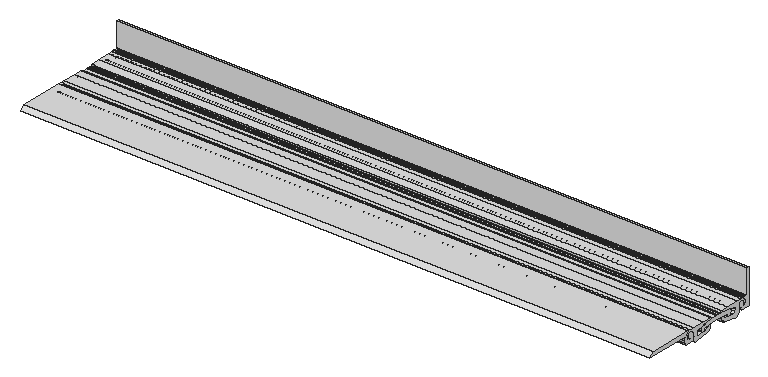
Revit family "Construction-Floors-Conecto-Aluminium Joints ALU AL.125.20", category Specialty Equipment, Revit 2015 (continued)
Definition of nested family "Standard"
  Forms (mm)
    Extrusion 26, solid, material <- "Material", visible <- "42"
      sketch origin (0, -265.415, 968.416) x (0, -1, 0) y (0, 0, -1)
        loop
          line (-328.099, 1038.38) -> (-321.311, 1038.38) -> (-320.706, 1039.387) -> (-321.166, 1040.152) -> (-322.051, 1041.037) -> (-322.646, 1041.772) -> (-323.343, 1040.699) -> (-324.121, 1040.431) -> (-324.895, 1040.668) -> (-325.732, 1042.061) -> (-325.759, 1042.847) -> (-325.261, 1043.486) -> (-324.475, 1043.667) -> (-323.644, 1043.667) -> (-323.953, 1045.256) -> (-324.049, 1046.361) -> (-323.804, 1048.361) -> (-323.455, 1049.435) -> (-322.964, 1050.358) -> (-322.245, 1050.741) -> (-319.6, 1050.741) -> (-318.858, 1050.426) -> (-318.56, 1049.688) -> (-319.045, 1048.776) -> (-319.533, 1047.858) -> (-319.791, 1047.063) -> (-319.791, 1045.963) -> (-319.636, 1045.164) -> (-319.258, 1044.353) -> (-318.601, 1043.624) -> (-317.825, 1042.925) -> (-316.903, 1042.552) -> (-315.992, 1042.408) -> (-315.061, 1042.506) -> (-314.229, 1042.714) -> (-313.419, 1043.219) -> (-312.573, 1043.929) -> (-311.792, 1045.229) -> (-311.792, 1046.389) -> (-313.052, 1046.389) -> (-313.708, 1047.26) -> (-313.708, 1052.687) -> (-312.573, 1055.983) -> (-312.573, 1058.514) -> (-313.708, 1061.81) -> (-313.708, 1080.286) -> (-385.56, 1080.286) -> (-386.985, 1080.111) -> (-387.811, 1079.533) -> (-387.944, 1077.622) -> (-387.26, 1076.938) -> (-385.213, 1075.756) -> (-322.843, 1075.756) -> (-321.449, 1076.002) -> (-320.117, 1075.885) -> (-319.1, 1075.515) -> (-318.211, 1074.456) -> (-317.835, 1073.423) -> (-317.835, 1064.768) -> (-318.108, 1063.974) -> (-325.808, 1062.564) -> (-328.108, 1062.159) -> (-328.108, 1059.606) -> (-322.453, 1059.606) -> (-321.545, 1059.542) -> (-320.938, 1060.033) -> (-320.163, 1060.285) -> (-319.375, 1060.354) -> (-318.6, 1060.204) -> (-317.886, 1059.824) -> (-317.165, 1059.151) -> (-316.68, 1058.158) -> (-316.609, 1057.347) -> (-316.694, 1056.543) -> (-317.041, 1055.764) -> (-317.564, 1055.162) -> (-318.193, 1054.688) -> (-319.07, 1054.386) -> (-319.959, 1054.386) -> (-320.746, 1054.612) -> (-321.573, 1055.109) -> (-328.066, 1055.109) -> (-328.066, 1052.847) -> (-327.155, 1051.761) -> (-328.099, 1047.322) -> (-328.099, 1038.38)
      from 0 to 1000
    Extrusion 27, solid, material <- "Material", visible <- "N"
      sketch origin (0, -265.5, -904.832) x (0, -1, 0) y (0, 0, -1)
        loop
          line (-320.931, -834.863) -> (-320.761, -833.248) -> (-322.667, -831.342) -> (-323.046, -832.156) -> (-323.743, -832.643) -> (-324.846, -832.527) -> (-325.508, -831.581) -> (-325.752, -830.672) -> (-325.403, -829.924) -> (-324.67, -829.501) -> (-323.632, -829.501) -> (-323.873, -828.262) -> (-324.048, -826.595) -> (-323.537, -823.966) -> (-323.008, -822.833) -> (-322.243, -822.492) -> (-319.177, -822.492) -> (-318.552, -823.211) -> (-318.712, -824.035) -> (-319.348, -824.942) -> (-319.721, -826.162) -> (-319.797, -827.04) -> (-319.566, -827.969) -> (-319.276, -828.764) -> (-318.76, -829.501) -> (-317.751, -830.289) -> (-316.906, -830.683) -> (-315.744, -830.785) -> (-314.742, -830.68) -> (-313.724, -830.205) -> (-312.747, -829.356) -> (-312.067, -828.385) -> (-311.75, -826.756) -> (-311.75, -817.82) -> (-312.411, -817.061) -> (-324.288, -817.061) -> (-325.086, -817.416) -> (-327.029, -821.583) -> (-327.86, -823.75) -> (-328.159, -827.161) -> (-328.465, -828.391) -> (-329.194, -829.394) -> (-329.969, -829.936) -> (-331.031, -830.323) -> (-332.144, -830.362) -> (-334.167, -830.362) -> (-396.694, -830.362) -> (-388.899, -834.863) -> (-320.931, -834.863)
      from 0 to 1000
    Extrusion 28, solid, material <- "Material", visible <- "15"
      sketch origin (0, -265.412, -730.453) x (0, -1, 0) y (0, 0, -1)
        loop
          line (-320.863, -660.485) -> (-320.863, -659.059) -> (-322.827, -657.095) -> (-323.159, -658.006) -> (-324.212, -658.497) -> (-325.318, -657.859) -> (-325.803, -656.819) -> (-325.738, -655.889) -> (-325.115, -655.266) -> (-323.707, -655.266) -> (-323.805, -654.468) -> (-323.988, -653.531) -> (-324.095, -652.511) -> (-323.823, -650.323) -> (-323.232, -648.737) -> (-322.642, -648.207) -> (-319.236, -648.207) -> (-318.645, -648.739) -> (-318.645, -649.621) -> (-319.112, -650.265) -> (-319.668, -651.228) -> (-319.801, -652.062) -> (-319.869, -652.847) -> (-319.68, -653.737) -> (-319.094, -654.839) -> (-318.554, -655.46) -> (-317.82, -655.955) -> (-317.089, -656.265) -> (-316.282, -656.422) -> (-315.449, -656.451) -> (-314.669, -656.286) -> (-313.937, -656.005) -> (-313.023, -655.364) -> (-312.304, -654.214) -> (-311.904, -653.116) -> (-311.904, -645.504) -> (-385.109, -645.504) -> (-386.046, -646.442) -> (-385.616, -647.13) -> (-383.518, -647.893) -> (-382.464, -648.004) -> (-329.238, -648.004) -> (-328.463, -648.256) -> (-328.087, -648.965) -> (-328.087, -660.485) -> (-320.863, -660.485)
      from 0 to 1000
    Extrusion 29, solid, material <- "Material", visible <- "22"
      sketch origin (0, -265.432, -730.454) x (0, -1, 0) y (0, 0, -1)
        loop
          line (-320.863, -660.485) -> (-320.863, -659.059) -> (-322.827, -657.095) -> (-323.159, -658.006) -> (-324.212, -658.497) -> (-325.318, -657.859) -> (-325.803, -656.819) -> (-325.738, -655.889) -> (-325.115, -655.266) -> (-323.707, -655.266) -> (-323.805, -654.468) -> (-323.988, -653.531) -> (-324.095, -652.511) -> (-323.823, -650.323) -> (-323.232, -648.737) -> (-322.642, -648.207) -> (-319.236, -648.207) -> (-318.645, -648.739) -> (-318.645, -649.621) -> (-319.112, -650.265) -> (-319.668, -651.228) -> (-319.801, -652.062) -> (-319.869, -652.847) -> (-319.68, -653.737) -> (-319.094, -654.839) -> (-318.554, -655.46) -> (-317.82, -655.955) -> (-317.089, -656.265) -> (-316.282, -656.422) -> (-315.449, -656.451) -> (-314.669, -656.286) -> (-313.937, -656.005) -> (-313.023, -655.364) -> (-312.304, -654.214) -> (-311.904, -653.116) -> (-311.904, -645.504) -> (-311.904, -638.666) -> (-318.405, -638.666) -> (-318.52, -639.596) -> (-317.827, -640.453) -> (-317.578, -641.866) -> (-318.102, -643.48) -> (-319.166, -644.342) -> (-320.563, -644.69) -> (-321.914, -644.378) -> (-322.693, -643.812) -> (-323.267, -643.078) -> (-323.558, -641.817) -> (-323.456, -640.99) -> (-323.152, -640.197) -> (-322.618, -639.488) -> (-322.618, -638.659) -> (-386.046, -638.659) -> (-386.046, -641.713) -> (-385.616, -642.401) -> (-383.518, -643.165) -> (-382.464, -643.275) -> (-329.238, -643.275) -> (-328.463, -643.527) -> (-328.087, -644.236) -> (-328.087, -660.485) -> (-320.863, -660.485)
      from 0 to 1000
    Extrusion 30, solid, material <- "Material", visible <- "30"
      sketch origin (0, -265.421, -730.469) x (0, -1, 0) y (0, 0, -1)
        loop
          line (-320.863, -660.485) -> (-320.863, -659.059) -> (-322.827, -657.095) -> (-323.159, -658.006) -> (-324.212, -658.497) -> (-325.318, -657.859) -> (-325.803, -656.819) -> (-325.738, -655.889) -> (-325.115, -655.266) -> (-323.707, -655.266) -> (-323.805, -654.468) -> (-323.988, -653.531) -> (-324.095, -652.511) -> (-323.823, -650.323) -> (-323.232, -648.737) -> (-322.642, -648.207) -> (-319.236, -648.207) -> (-318.645, -648.739) -> (-318.645, -649.621) -> (-319.112, -650.265) -> (-319.668, -651.228) -> (-319.801, -652.062) -> (-319.869, -652.847) -> (-319.68, -653.737) -> (-319.094, -654.839) -> (-318.554, -655.46) -> (-317.82, -655.955) -> (-317.089, -656.265) -> (-316.282, -656.422) -> (-315.449, -656.451) -> (-314.669, -656.286) -> (-313.937, -656.005) -> (-313.023, -655.364) -> (-312.304, -654.214) -> (-311.904, -653.116) -> (-311.904, -645.504) -> (-311.904, -630.498) -> (-383.61, -630.498) -> (-385.147, -630.66) -> (-385.896, -631.009) -> (-385.896, -633.484) -> (-384.116, -634.512) -> (-382.262, -635.114) -> (-327.656, -635.114) -> (-324.385, -636.64) -> (-323.581, -636.64) -> (-322.956, -636.168) -> (-322.048, -635.706) -> (-320.815, -635.554) -> (-319.634, -635.699) -> (-318.504, -636.275) -> (-317.565, -637.215) -> (-316.849, -638.821) -> (-316.849, -640.438) -> (-317.305, -641.512) -> (-317.959, -642.446) -> (-318.885, -643.144) -> (-320.971, -643.587) -> (-323.49, -642.518) -> (-324.644, -642.375) -> (-328.087, -650.485) -> (-328.087, -660.485) -> (-320.863, -660.485)
      from 0 to 1000
  Dimensions and locks
    "Length": plane 3 "Center (Left/Right)" to plane 4
    equal spacing: plane 6, plane 1 "Center (Front/Back)", plane 5
    "Space": plane 6 to plane 5
    aligned and locked: level to plane 2
    aligned and locked: Extrusion 27 to plane 4
    aligned and locked: Extrusion 28 to plane 4
    aligned and locked: Extrusion 29 to plane 4
    aligned and locked: Extrusion 30 to plane 4
    aligned and locked: Extrusion 26 to plane 4
    aligned and locked: Extrusion 25 to plane 4
    aligned and locked: Extrusion 24 to plane 4
    aligned and locked: Extrusion 23 to plane 4
    aligned and locked: Extrusion 22 to plane 4
    aligned and locked: Extrusion 21 to plane 4
    aligned and locked: Extrusion 17 to plane 4
    aligned and locked: Extrusion 18 to plane 4
    aligned and locked: Extrusion 19 to plane 4
    aligned and locked: Extrusion 20 to plane 4
    aligned and locked: Extrusion 16 to plane 4
    aligned and locked: Extrusion 15 to plane 4
    aligned and locked: Extrusion 14 to plane 4
    aligned and locked: Extrusion 13 to plane 4
    aligned and locked: Extrusion 12 to plane 4
    aligned and locked: Extrusion 11 to plane 4
    aligned and locked: Extrusion 10 to plane 4
    aligned and locked: Extrusion 9 to plane 4
    aligned and locked: Extrusion 8 to plane 4
    aligned and locked: Extrusion 7 to plane 4
    aligned and locked: Extrusion 6 to plane 4
    aligned and locked: Extrusion 5 to plane 4
    aligned and locked: Extrusion 4 to plane 4
    aligned and locked: Extrusion 3 to plane 4
    aligned and locked: Extrusion 2 to plane 4
    aligned and locked: Extrusion 1 to plane 4
  Automatic sketch dimensions
    Extrusion 1 sketch curve to plane 6 = 0.018 mm
    Extrusion 1 sketch curve to plane 6 = 0.079 mm
    Extrusion 1 sketch curve to plane 6 = 0.145 mm
    Extrusion 1 sketch curve to plane 6 = 0.316 mm
    Extrusion 1 sketch curve to plane 6 = 0.483 mm
    Extrusion 1 sketch curve to plane 6 = 0.781 mm
    Extrusion 1 sketch curve to Extrusion 1 sketch curve = 0.503 mm
    Extrusion 1 sketch curve to Extrusion 1 sketch curve = 0.54 mm
    Extrusion 1 sketch curve to Extrusion 1 sketch curve = 0.665 mm  (x2)
    Extrusion 1 sketch curve to Extrusion 1 sketch curve = 0.708 mm
    Extrusion 1 sketch curve to Extrusion 1 sketch curve = 0.781 mm
    Extrusion 1 sketch curve to Extrusion 1 sketch curve = 0.844 mm
    Extrusion 1 sketch curve to Extrusion 1 sketch curve = 0.841 mm
    Extrusion 1 sketch curve to plane 6 = 5.776 mm
    Extrusion 1 sketch curve to Extrusion 1 sketch curve = 0.732 mm
    Extrusion 1 sketch curve to Extrusion 1 sketch curve = 0.654 mm
    Extrusion 1 sketch curve to Extrusion 1 sketch curve = 0.943 mm
    Extrusion 1 sketch curve to Extrusion 1 sketch curve = 0.22 mm
    Extrusion 1 sketch curve to Extrusion 1 sketch curve = 0.571 mm  (x2)
    Extrusion 1 sketch curve to Extrusion 1 sketch curve = 0.486 mm
    Extrusion 1 sketch curve to Extrusion 1 sketch curve = 0.771 mm
    Extrusion 1 sketch curve to Extrusion 1 sketch curve = 0.457 mm
    Extrusion 1 sketch curve to Extrusion 1 sketch curve = 0.352 mm
    Extrusion 1 sketch curve to Extrusion 1 sketch curve = 0.338 mm
    Extrusion 1 sketch curve to Extrusion 1 sketch curve = 0.188 mm
    Extrusion 1 sketch curve to Extrusion 1 sketch curve = 2.478 mm
    Extrusion 1 sketch curve to Extrusion 1 sketch curve = 0.077 mm
    Extrusion 1 sketch curve to Extrusion 1 sketch curve = 0.814 mm  (x2)
    Extrusion 1 sketch curve to Extrusion 1 sketch curve = 3.227 mm
    Extrusion 1 sketch curve to Extrusion 1 sketch curve = 1.773 mm
    Extrusion 1 sketch curve to Extrusion 1 sketch curve = 0.527 mm
    Extrusion 1 sketch curve to Extrusion 1 sketch curve = 0.616 mm
    Extrusion 1 sketch curve to Extrusion 1 sketch curve = 0.46 mm
    Extrusion 1 sketch curve to Extrusion 1 sketch curve = 1.069 mm
    Extrusion 1 sketch curve to Extrusion 1 sketch curve = 0.239 mm
    Extrusion 1 sketch curve to Extrusion 1 sketch curve = 0.299 mm
    Extrusion 1 sketch curve to Extrusion 1 sketch curve = 0.14 mm
    Extrusion 1 sketch curve to Extrusion 1 sketch curve = 0.051 mm
    Extrusion 1 sketch curve to Extrusion 1 sketch curve = 0.96 mm
    Extrusion 1 sketch curve to Extrusion 1 sketch curve = 0.932 mm
    Extrusion 1 sketch curve to Extrusion 1 sketch curve = 0.703 mm
    Extrusion 1 sketch curve to Extrusion 1 sketch curve = 0.807 mm
    Extrusion 1 sketch curve to Extrusion 1 sketch curve = 0.86 mm
    Extrusion 1 sketch curve to Extrusion 1 sketch curve = 0.342 mm
    Extrusion 1 sketch curve to plane 6 = 14.701 mm
    Extrusion 1 sketch curve to Extrusion 1 sketch curve = 6.486 mm
    Extrusion 1 sketch curve to Extrusion 1 sketch curve = 0.821 mm
    Extrusion 1 sketch curve to Extrusion 1 sketch curve = 0.721 mm
    Extrusion 1 sketch curve to Extrusion 1 sketch curve = 0.719 mm
    Extrusion 1 sketch curve to Extrusion 1 sketch curve = 0.829 mm
    Extrusion 1 sketch curve to Extrusion 1 sketch curve = 0.796 mm  (x2)
    Extrusion 1 sketch curve to Extrusion 1 sketch curve = 0.905 mm
    Extrusion 1 sketch curve to Extrusion 1 sketch curve = 0.964 mm
    Extrusion 1 sketch curve to Extrusion 1 sketch curve = 1.013 mm
    Extrusion 1 sketch curve to Extrusion 1 sketch curve = 0.867 mm
    Extrusion 1 sketch curve to Extrusion 1 sketch curve = 1.08 mm
    Extrusion 1 sketch curve to Extrusion 1 sketch curve = 0.826 mm
    Extrusion 1 sketch curve to Extrusion 1 sketch curve = 1.041 mm
    Extrusion 1 sketch curve to Extrusion 1 sketch curve = 0.869 mm
    Extrusion 1 sketch curve to Extrusion 1 sketch curve = 0.805 mm
    Extrusion 1 sketch curve to Extrusion 1 sketch curve = 0.791 mm
    Extrusion 1 sketch curve to Extrusion 1 sketch curve = 0.661 mm
    Extrusion 1 sketch curve to Extrusion 1 sketch curve = 0.6 mm
    Extrusion 1 sketch curve to Extrusion 1 sketch curve = 0.376 mm
    Extrusion 1 sketch curve to Extrusion 1 sketch curve = 0.465 mm
    Extrusion 1 sketch curve to Extrusion 1 sketch curve = 0.458 mm
    Extrusion 1 sketch curve to Extrusion 1 sketch curve = 0.345 mm
    Extrusion 1 sketch curve to Extrusion 1 sketch curve = 0.296 mm  (x2)
    Extrusion 1 sketch curve to Extrusion 1 sketch curve = 0.89 mm
    Extrusion 1 sketch curve to Extrusion 1 sketch curve = 0.179 mm
    Extrusion 1 sketch curve to Extrusion 1 sketch curve = 1.918 mm
    Extrusion 1 sketch curve to Extrusion 1 sketch curve = 1.017 mm
    Extrusion 1 sketch curve to Extrusion 1 sketch curve = 0.726 mm
    Extrusion 1 sketch curve to Extrusion 1 sketch curve = 0.9 mm
    Extrusion 1 sketch curve to Extrusion 1 sketch curve = 0.52 mm
    Extrusion 1 sketch curve to Extrusion 1 sketch curve = 1.176 mm
    Extrusion 1 sketch curve to Extrusion 1 sketch curve = 1.103 mm
    Extrusion 1 sketch curve to Extrusion 1 sketch curve = 0.335 mm
    Extrusion 1 sketch curve to Extrusion 1 sketch curve = 38.619 mm
    Extrusion 2 sketch curve to plane 6 = 0.015 mm
    Extrusion 2 sketch curve to plane 6 = 0.076 mm
    Extrusion 2 sketch curve to plane 6 = 0.142 mm
    Extrusion 2 sketch curve to plane 6 = 0.312 mm
    Extrusion 2 sketch curve to plane 6 = 0.48 mm
    Extrusion 2 sketch curve to plane 6 = 0.777 mm
    Extrusion 2 sketch curve to Extrusion 2 sketch curve = 0.503 mm
    Extrusion 2 sketch curve to Extrusion 2 sketch curve = 0.54 mm
    Extrusion 2 sketch curve to Extrusion 2 sketch curve = 0.665 mm  (x2)
    Extrusion 2 sketch curve to Extrusion 2 sketch curve = 0.708 mm
    Extrusion 2 sketch curve to Extrusion 2 sketch curve = 0.781 mm
    Extrusion 2 sketch curve to Extrusion 2 sketch curve = 0.844 mm
    Extrusion 2 sketch curve to Extrusion 2 sketch curve = 0.841 mm
    Extrusion 2 sketch curve to plane 6 = 5.772 mm
    Extrusion 2 sketch curve to Extrusion 2 sketch curve = 0.732 mm
    Extrusion 2 sketch curve to Extrusion 2 sketch curve = 0.654 mm
    Extrusion 2 sketch curve to Extrusion 2 sketch curve = 0.943 mm
    Extrusion 2 sketch curve to Extrusion 2 sketch curve = 0.22 mm
    Extrusion 2 sketch curve to Extrusion 2 sketch curve = 0.571 mm  (x2)
    Extrusion 2 sketch curve to Extrusion 2 sketch curve = 0.486 mm
    Extrusion 2 sketch curve to Extrusion 2 sketch curve = 0.771 mm
    Extrusion 2 sketch curve to Extrusion 2 sketch curve = 0.457 mm
    Extrusion 2 sketch curve to Extrusion 2 sketch curve = 0.352 mm
    Extrusion 2 sketch curve to Extrusion 2 sketch curve = 0.338 mm
    Extrusion 2 sketch curve to Extrusion 2 sketch curve = 0.188 mm
    Extrusion 2 sketch curve to Extrusion 2 sketch curve = 2.478 mm
    Extrusion 2 sketch curve to Extrusion 2 sketch curve = 0.077 mm
    Extrusion 2 sketch curve to Extrusion 2 sketch curve = 0.814 mm  (x2)
    Extrusion 2 sketch curve to Extrusion 2 sketch curve = 3.227 mm
    Extrusion 2 sketch curve to Extrusion 2 sketch curve = 1.773 mm
    Extrusion 2 sketch curve to Extrusion 2 sketch curve = 0.527 mm
    Extrusion 2 sketch curve to Extrusion 2 sketch curve = 0.616 mm
    Extrusion 2 sketch curve to Extrusion 2 sketch curve = 0.46 mm
    Extrusion 2 sketch curve to Extrusion 2 sketch curve = 1.069 mm
    Extrusion 2 sketch curve to Extrusion 2 sketch curve = 0.239 mm
    Extrusion 2 sketch curve to Extrusion 2 sketch curve = 0.299 mm
    Extrusion 2 sketch curve to Extrusion 2 sketch curve = 0.14 mm
    Extrusion 2 sketch curve to Extrusion 2 sketch curve = 0.051 mm
    Extrusion 2 sketch curve to Extrusion 2 sketch curve = 0.96 mm
    Extrusion 2 sketch curve to Extrusion 2 sketch curve = 0.932 mm
    Extrusion 2 sketch curve to Extrusion 2 sketch curve = 0.703 mm
    Extrusion 2 sketch curve to Extrusion 2 sketch curve = 0.807 mm
    Extrusion 2 sketch curve to Extrusion 2 sketch curve = 0.86 mm
    Extrusion 2 sketch curve to Extrusion 2 sketch curve = 0.342 mm
    Extrusion 2 sketch curve to plane 6 = 14.698 mm
    Extrusion 2 sketch curve to Extrusion 2 sketch curve = 6.486 mm
    Extrusion 2 sketch curve to Extrusion 2 sketch curve = 0.821 mm
    Extrusion 2 sketch curve to Extrusion 2 sketch curve = 0.721 mm
    Extrusion 2 sketch curve to Extrusion 2 sketch curve = 0.719 mm
    Extrusion 2 sketch curve to Extrusion 2 sketch curve = 0.829 mm
    Extrusion 2 sketch curve to Extrusion 2 sketch curve = 0.796 mm  (x2)
    Extrusion 2 sketch curve to Extrusion 2 sketch curve = 0.905 mm
    Extrusion 2 sketch curve to Extrusion 2 sketch curve = 0.964 mm
    Extrusion 2 sketch curve to Extrusion 2 sketch curve = 1.013 mm
    Extrusion 2 sketch curve to Extrusion 2 sketch curve = 0.867 mm
    Extrusion 2 sketch curve to Extrusion 2 sketch curve = 1.08 mm
    Extrusion 2 sketch curve to Extrusion 2 sketch curve = 0.826 mm
    Extrusion 2 sketch curve to Extrusion 2 sketch curve = 1.041 mm
    Extrusion 2 sketch curve to Extrusion 2 sketch curve = 0.869 mm
    Extrusion 2 sketch curve to Extrusion 2 sketch curve = 0.805 mm
    Extrusion 2 sketch curve to Extrusion 2 sketch curve = 0.791 mm
    Extrusion 2 sketch curve to Extrusion 2 sketch curve = 0.661 mm
    Extrusion 2 sketch curve to Extrusion 2 sketch curve = 0.6 mm
    Extrusion 2 sketch curve to Extrusion 2 sketch curve = 0.376 mm
    Extrusion 2 sketch curve to Extrusion 2 sketch curve = 0.465 mm
    Extrusion 2 sketch curve to Extrusion 2 sketch curve = 0.458 mm
    Extrusion 2 sketch curve to Extrusion 2 sketch curve = 0.345 mm
    Extrusion 2 sketch curve to Extrusion 2 sketch curve = 0.296 mm  (x2)
    Extrusion 2 sketch curve to Extrusion 2 sketch curve = 0.89 mm
    Extrusion 2 sketch curve to Extrusion 2 sketch curve = 0.179 mm
    Extrusion 2 sketch curve to Extrusion 2 sketch curve = 1.918 mm
    Extrusion 2 sketch curve to Extrusion 2 sketch curve = 1.017 mm
    Extrusion 2 sketch curve to Extrusion 2 sketch curve = 0.726 mm
    Extrusion 2 sketch curve to Extrusion 2 sketch curve = 0.9 mm
    Extrusion 2 sketch curve to Extrusion 2 sketch curve = 0.52 mm
    Extrusion 2 sketch curve to Extrusion 2 sketch curve = 1.176 mm
    Extrusion 2 sketch curve to Extrusion 2 sketch curve = 1.103 mm
    Extrusion 2 sketch curve to Extrusion 2 sketch curve = 0.335 mm
    Extrusion 2 sketch curve to Extrusion 2 sketch curve = 38.619 mm
    Extrusion 3 sketch curve to plane 6 = 0.016 mm
    Extrusion 3 sketch curve to plane 6 = 0.077 mm
    Extrusion 3 sketch curve to plane 6 = 0.144 mm
    Extrusion 3 sketch curve to plane 6 = 0.314 mm
    Extrusion 3 sketch curve to plane 6 = 0.481 mm
    Extrusion 3 sketch curve to plane 6 = 0.779 mm
    Extrusion 3 sketch curve to Extrusion 3 sketch curve = 0.503 mm
    Extrusion 3 sketch curve to Extrusion 3 sketch curve = 0.54 mm
    Extrusion 3 sketch curve to Extrusion 3 sketch curve = 0.665 mm  (x2)
    Extrusion 3 sketch curve to Extrusion 3 sketch curve = 0.708 mm
    Extrusion 3 sketch curve to Extrusion 3 sketch curve = 0.781 mm
    Extrusion 3 sketch curve to Extrusion 3 sketch curve = 0.844 mm
    Extrusion 3 sketch curve to Extrusion 3 sketch curve = 0.841 mm
    Extrusion 3 sketch curve to plane 6 = 5.774 mm
    Extrusion 3 sketch curve to Extrusion 3 sketch curve = 0.732 mm
    Extrusion 3 sketch curve to Extrusion 3 sketch curve = 0.654 mm
    Extrusion 3 sketch curve to Extrusion 3 sketch curve = 0.943 mm
    Extrusion 3 sketch curve to Extrusion 3 sketch curve = 0.22 mm
    Extrusion 3 sketch curve to Extrusion 3 sketch curve = 0.571 mm  (x2)
    Extrusion 3 sketch curve to Extrusion 3 sketch curve = 0.486 mm
    Extrusion 3 sketch curve to Extrusion 3 sketch curve = 0.771 mm
    Extrusion 3 sketch curve to Extrusion 3 sketch curve = 0.457 mm
    Extrusion 3 sketch curve to Extrusion 3 sketch curve = 0.352 mm
    Extrusion 3 sketch curve to Extrusion 3 sketch curve = 0.338 mm
    Extrusion 3 sketch curve to Extrusion 3 sketch curve = 0.188 mm
    Extrusion 3 sketch curve to Extrusion 3 sketch curve = 2.478 mm
    Extrusion 3 sketch curve to Extrusion 3 sketch curve = 0.077 mm
    Extrusion 3 sketch curve to Extrusion 3 sketch curve = 0.814 mm  (x2)
    Extrusion 3 sketch curve to Extrusion 3 sketch curve = 3.227 mm
    Extrusion 3 sketch curve to Extrusion 3 sketch curve = 1.773 mm
    Extrusion 3 sketch curve to Extrusion 3 sketch curve = 0.527 mm
    Extrusion 3 sketch curve to Extrusion 3 sketch curve = 0.616 mm
    Extrusion 3 sketch curve to Extrusion 3 sketch curve = 0.46 mm
    Extrusion 3 sketch curve to Extrusion 3 sketch curve = 1.069 mm
    Extrusion 3 sketch curve to Extrusion 3 sketch curve = 0.239 mm
    Extrusion 3 sketch curve to Extrusion 3 sketch curve = 0.299 mm
    Extrusion 3 sketch curve to Extrusion 3 sketch curve = 0.14 mm
    Extrusion 3 sketch curve to Extrusion 3 sketch curve = 0.051 mm
    Extrusion 3 sketch curve to Extrusion 3 sketch curve = 0.96 mm
    Extrusion 3 sketch curve to Extrusion 3 sketch curve = 0.932 mm
    Extrusion 3 sketch curve to Extrusion 3 sketch curve = 0.703 mm
    Extrusion 3 sketch curve to Extrusion 3 sketch curve = 0.807 mm
    Extrusion 3 sketch curve to Extrusion 3 sketch curve = 0.86 mm
    Extrusion 3 sketch curve to Extrusion 3 sketch curve = 0.342 mm
    Extrusion 3 sketch curve to plane 6 = 14.699 mm
    Extrusion 3 sketch curve to Extrusion 3 sketch curve = 6.486 mm
    Extrusion 3 sketch curve to Extrusion 3 sketch curve = 0.821 mm
    Extrusion 3 sketch curve to Extrusion 3 sketch curve = 0.721 mm
    Extrusion 3 sketch curve to Extrusion 3 sketch curve = 0.719 mm
    Extrusion 3 sketch curve to Extrusion 3 sketch curve = 0.829 mm
    Extrusion 3 sketch curve to Extrusion 3 sketch curve = 0.796 mm  (x2)
    Extrusion 3 sketch curve to Extrusion 3 sketch curve = 0.905 mm
    Extrusion 3 sketch curve to Extrusion 3 sketch curve = 0.964 mm
    Extrusion 3 sketch curve to Extrusion 3 sketch curve = 1.013 mm
    Extrusion 3 sketch curve to Extrusion 3 sketch curve = 0.867 mm
    Extrusion 3 sketch curve to Extrusion 3 sketch curve = 1.08 mm
    Extrusion 3 sketch curve to Extrusion 3 sketch curve = 0.826 mm
    Extrusion 3 sketch curve to Extrusion 3 sketch curve = 1.041 mm
    Extrusion 3 sketch curve to Extrusion 3 sketch curve = 0.869 mm
    Extrusion 3 sketch curve to Extrusion 3 sketch curve = 0.805 mm
    Extrusion 3 sketch curve to Extrusion 3 sketch curve = 0.791 mm
    Extrusion 3 sketch curve to Extrusion 3 sketch curve = 0.661 mm
    Extrusion 3 sketch curve to Extrusion 3 sketch curve = 0.6 mm
    Extrusion 3 sketch curve to Extrusion 3 sketch curve = 0.376 mm
    Extrusion 3 sketch curve to Extrusion 3 sketch curve = 0.465 mm
    Extrusion 3 sketch curve to Extrusion 3 sketch curve = 0.458 mm
    Extrusion 3 sketch curve to Extrusion 3 sketch curve = 0.345 mm
    Extrusion 3 sketch curve to Extrusion 3 sketch curve = 0.296 mm  (x2)
    Extrusion 3 sketch curve to Extrusion 3 sketch curve = 0.89 mm
    Extrusion 3 sketch curve to Extrusion 3 sketch curve = 0.179 mm
    Extrusion 3 sketch curve to Extrusion 3 sketch curve = 1.918 mm
    Extrusion 3 sketch curve to Extrusion 3 sketch curve = 1.017 mm
    Extrusion 3 sketch curve to Extrusion 3 sketch curve = 0.726 mm
    Extrusion 3 sketch curve to Extrusion 3 sketch curve = 0.9 mm
    Extrusion 3 sketch curve to Extrusion 3 sketch curve = 0.52 mm
    Extrusion 3 sketch curve to Extrusion 3 sketch curve = 1.176 mm
    Extrusion 3 sketch curve to Extrusion 3 sketch curve = 1.103 mm
    Extrusion 3 sketch curve to Extrusion 3 sketch curve = 0.335 mm
    Extrusion 3 sketch curve to Extrusion 3 sketch curve = 38.619 mm
    Extrusion 4 sketch curve to plane 6 = 0.017 mm
    Extrusion 4 sketch curve to plane 6 = 0.078 mm
    Extrusion 4 sketch curve to plane 6 = 0.144 mm
    Extrusion 4 sketch curve to plane 6 = 0.315 mm
    Extrusion 4 sketch curve to plane 6 = 0.482 mm
    Extrusion 4 sketch curve to plane 6 = 0.78 mm
    Extrusion 4 sketch curve to Extrusion 4 sketch curve = 0.503 mm
    Extrusion 4 sketch curve to Extrusion 4 sketch curve = 0.54 mm
    Extrusion 4 sketch curve to Extrusion 4 sketch curve = 0.665 mm  (x2)
    Extrusion 4 sketch curve to Extrusion 4 sketch curve = 0.708 mm
    Extrusion 4 sketch curve to Extrusion 4 sketch curve = 0.781 mm
    Extrusion 4 sketch curve to Extrusion 4 sketch curve = 0.844 mm
    Extrusion 4 sketch curve to Extrusion 4 sketch curve = 0.841 mm
    Extrusion 4 sketch curve to plane 6 = 5.775 mm
    Extrusion 4 sketch curve to Extrusion 4 sketch curve = 0.732 mm
    Extrusion 4 sketch curve to Extrusion 4 sketch curve = 0.654 mm
    Extrusion 4 sketch curve to Extrusion 4 sketch curve = 0.943 mm
    Extrusion 4 sketch curve to Extrusion 4 sketch curve = 0.22 mm
    Extrusion 4 sketch curve to Extrusion 4 sketch curve = 0.571 mm  (x2)
    Extrusion 4 sketch curve to Extrusion 4 sketch curve = 0.486 mm
    Extrusion 4 sketch curve to Extrusion 4 sketch curve = 0.771 mm
    Extrusion 4 sketch curve to Extrusion 4 sketch curve = 0.457 mm
    Extrusion 4 sketch curve to Extrusion 4 sketch curve = 0.352 mm
    Extrusion 4 sketch curve to Extrusion 4 sketch curve = 0.338 mm
    Extrusion 4 sketch curve to Extrusion 4 sketch curve = 0.188 mm
    Extrusion 4 sketch curve to Extrusion 4 sketch curve = 2.478 mm
    Extrusion 4 sketch curve to Extrusion 4 sketch curve = 0.077 mm
    Extrusion 4 sketch curve to Extrusion 4 sketch curve = 0.814 mm  (x2)
    Extrusion 4 sketch curve to Extrusion 4 sketch curve = 3.227 mm
    Extrusion 4 sketch curve to Extrusion 4 sketch curve = 1.773 mm
    Extrusion 4 sketch curve to Extrusion 4 sketch curve = 0.527 mm
    Extrusion 4 sketch curve to Extrusion 4 sketch curve = 0.616 mm
    Extrusion 4 sketch curve to Extrusion 4 sketch curve = 0.46 mm
    Extrusion 4 sketch curve to Extrusion 4 sketch curve = 1.069 mm
    Extrusion 4 sketch curve to Extrusion 4 sketch curve = 0.239 mm
    Extrusion 4 sketch curve to Extrusion 4 sketch curve = 0.299 mm
    Extrusion 4 sketch curve to Extrusion 4 sketch curve = 0.14 mm
    Extrusion 4 sketch curve to Extrusion 4 sketch curve = 0.051 mm
    Extrusion 4 sketch curve to Extrusion 4 sketch curve = 0.96 mm
    Extrusion 4 sketch curve to Extrusion 4 sketch curve = 0.932 mm
    Extrusion 4 sketch curve to Extrusion 4 sketch curve = 0.703 mm
    Extrusion 4 sketch curve to Extrusion 4 sketch curve = 0.807 mm
    Extrusion 4 sketch curve to Extrusion 4 sketch curve = 0.86 mm
    Extrusion 4 sketch curve to Extrusion 4 sketch curve = 0.342 mm
    Extrusion 4 sketch curve to plane 6 = 14.7 mm
    Extrusion 4 sketch curve to Extrusion 4 sketch curve = 6.486 mm
    Extrusion 4 sketch curve to Extrusion 4 sketch curve = 0.821 mm
    Extrusion 4 sketch curve to Extrusion 4 sketch curve = 0.721 mm
    Extrusion 4 sketch curve to Extrusion 4 sketch curve = 0.719 mm
    Extrusion 4 sketch curve to Extrusion 4 sketch curve = 0.829 mm
    Extrusion 4 sketch curve to Extrusion 4 sketch curve = 0.796 mm  (x2)
    Extrusion 4 sketch curve to Extrusion 4 sketch curve = 0.905 mm
    Extrusion 4 sketch curve to Extrusion 4 sketch curve = 0.964 mm
    Extrusion 4 sketch curve to Extrusion 4 sketch curve = 1.013 mm
    Extrusion 4 sketch curve to Extrusion 4 sketch curve = 0.867 mm
    Extrusion 4 sketch curve to Extrusion 4 sketch curve = 1.08 mm
    Extrusion 4 sketch curve to Extrusion 4 sketch curve = 0.826 mm
    Extrusion 4 sketch curve to Extrusion 4 sketch curve = 1.041 mm
    Extrusion 4 sketch curve to Extrusion 4 sketch curve = 0.869 mm
    Extrusion 4 sketch curve to Extrusion 4 sketch curve = 0.805 mm
    Extrusion 4 sketch curve to Extrusion 4 sketch curve = 0.791 mm
    Extrusion 4 sketch curve to Extrusion 4 sketch curve = 0.661 mm
    Extrusion 4 sketch curve to Extrusion 4 sketch curve = 0.6 mm
    Extrusion 4 sketch curve to Extrusion 4 sketch curve = 0.376 mm
    Extrusion 4 sketch curve to Extrusion 4 sketch curve = 0.465 mm
    Extrusion 4 sketch curve to Extrusion 4 sketch curve = 0.458 mm
    Extrusion 4 sketch curve to Extrusion 4 sketch curve = 0.345 mm
    Extrusion 4 sketch curve to Extrusion 4 sketch curve = 0.296 mm  (x2)
    Extrusion 4 sketch curve to Extrusion 4 sketch curve = 0.89 mm
    Extrusion 4 sketch curve to Extrusion 4 sketch curve = 0.179 mm
    Extrusion 4 sketch curve to Extrusion 4 sketch curve = 1.918 mm
    Extrusion 4 sketch curve to Extrusion 4 sketch curve = 1.017 mm
    Extrusion 4 sketch curve to Extrusion 4 sketch curve = 0.726 mm
    Extrusion 4 sketch curve to Extrusion 4 sketch curve = 0.9 mm
    Extrusion 4 sketch curve to Extrusion 4 sketch curve = 0.52 mm
    Extrusion 4 sketch curve to Extrusion 4 sketch curve = 1.176 mm
    Extrusion 4 sketch curve to Extrusion 4 sketch curve = 1.103 mm
    Extrusion 4 sketch curve to Extrusion 4 sketch curve = 0.335 mm
    Extrusion 4 sketch curve to Extrusion 4 sketch curve = 38.619 mm
    Extrusion 5 sketch curve to plane 6 = 0.018 mm
    Extrusion 5 sketch curve to plane 6 = 0.079 mm
    Extrusion 5 sketch curve to plane 6 = 0.145 mm
    Extrusion 5 sketch curve to plane 6 = 0.316 mm
    Extrusion 5 sketch curve to plane 6 = 0.483 mm
    Extrusion 5 sketch curve to plane 6 = 0.781 mm
    Extrusion 5 sketch curve to Extrusion 5 sketch curve = 0.503 mm
    Extrusion 5 sketch curve to Extrusion 5 sketch curve = 0.54 mm
    Extrusion 5 sketch curve to Extrusion 5 sketch curve = 0.665 mm  (x2)
    Extrusion 5 sketch curve to Extrusion 5 sketch curve = 0.708 mm
    Extrusion 5 sketch curve to Extrusion 5 sketch curve = 0.781 mm
    Extrusion 5 sketch curve to Extrusion 5 sketch curve = 0.844 mm
    Extrusion 5 sketch curve to Extrusion 5 sketch curve = 0.841 mm
    Extrusion 5 sketch curve to plane 6 = 5.776 mm
    Extrusion 5 sketch curve to Extrusion 5 sketch curve = 0.732 mm
    Extrusion 5 sketch curve to Extrusion 5 sketch curve = 0.654 mm
    Extrusion 5 sketch curve to Extrusion 5 sketch curve = 0.943 mm
    Extrusion 5 sketch curve to Extrusion 5 sketch curve = 0.22 mm
    Extrusion 5 sketch curve to Extrusion 5 sketch curve = 0.571 mm  (x2)
    Extrusion 5 sketch curve to Extrusion 5 sketch curve = 0.486 mm
    Extrusion 5 sketch curve to Extrusion 5 sketch curve = 0.771 mm
    Extrusion 5 sketch curve to Extrusion 5 sketch curve = 0.457 mm
    Extrusion 5 sketch curve to Extrusion 5 sketch curve = 0.352 mm
    Extrusion 5 sketch curve to Extrusion 5 sketch curve = 0.338 mm
    Extrusion 5 sketch curve to Extrusion 5 sketch curve = 0.188 mm
    Extrusion 5 sketch curve to Extrusion 5 sketch curve = 2.478 mm
    Extrusion 5 sketch curve to Extrusion 5 sketch curve = 0.077 mm
    Extrusion 5 sketch curve to Extrusion 5 sketch curve = 0.814 mm  (x2)
    Extrusion 5 sketch curve to Extrusion 5 sketch curve = 3.227 mm
    Extrusion 5 sketch curve to Extrusion 5 sketch curve = 1.773 mm
    Extrusion 5 sketch curve to Extrusion 5 sketch curve = 0.527 mm
    Extrusion 5 sketch curve to Extrusion 5 sketch curve = 0.616 mm
    Extrusion 5 sketch curve to Extrusion 5 sketch curve = 0.46 mm
    Extrusion 5 sketch curve to Extrusion 5 sketch curve = 1.069 mm
    Extrusion 5 sketch curve to Extrusion 5 sketch curve = 0.239 mm
    Extrusion 5 sketch curve to Extrusion 5 sketch curve = 0.299 mm
    Extrusion 5 sketch curve to Extrusion 5 sketch curve = 0.14 mm
    Extrusion 5 sketch curve to Extrusion 5 sketch curve = 0.051 mm
    Extrusion 5 sketch curve to Extrusion 5 sketch curve = 0.96 mm
    Extrusion 5 sketch curve to Extrusion 5 sketch curve = 0.932 mm
    Extrusion 5 sketch curve to Extrusion 5 sketch curve = 0.703 mm
    Extrusion 5 sketch curve to Extrusion 5 sketch curve = 0.807 mm
    Extrusion 5 sketch curve to Extrusion 5 sketch curve = 0.86 mm
    Extrusion 5 sketch curve to Extrusion 5 sketch curve = 0.342 mm
    Extrusion 5 sketch curve to plane 6 = 14.701 mm
    Extrusion 5 sketch curve to Extrusion 5 sketch curve = 6.486 mm
    Extrusion 5 sketch curve to Extrusion 5 sketch curve = 0.821 mm
    Extrusion 5 sketch curve to Extrusion 5 sketch curve = 0.721 mm
    Extrusion 5 sketch curve to Extrusion 5 sketch curve = 0.719 mm
    Extrusion 5 sketch curve to Extrusion 5 sketch curve = 0.829 mm
    Extrusion 5 sketch curve to Extrusion 5 sketch curve = 0.796 mm  (x2)
    Extrusion 5 sketch curve to Extrusion 5 sketch curve = 0.905 mm
    Extrusion 5 sketch curve to Extrusion 5 sketch curve = 0.964 mm
    Extrusion 5 sketch curve to Extrusion 5 sketch curve = 1.013 mm
    Extrusion 5 sketch curve to Extrusion 5 sketch curve = 0.867 mm
    Extrusion 5 sketch curve to Extrusion 5 sketch curve = 1.08 mm
    Extrusion 5 sketch curve to Extrusion 5 sketch curve = 0.826 mm
    Extrusion 5 sketch curve to Extrusion 5 sketch curve = 1.041 mm
    Extrusion 5 sketch curve to Extrusion 5 sketch curve = 0.869 mm
    Extrusion 5 sketch curve to Extrusion 5 sketch curve = 0.805 mm
    Extrusion 5 sketch curve to Extrusion 5 sketch curve = 0.791 mm
    Extrusion 5 sketch curve to Extrusion 5 sketch curve = 0.661 mm
    Extrusion 5 sketch curve to Extrusion 5 sketch curve = 0.6 mm
    Extrusion 5 sketch curve to Extrusion 5 sketch curve = 0.376 mm
    Extrusion 5 sketch curve to Extrusion 5 sketch curve = 0.465 mm
    Extrusion 5 sketch curve to Extrusion 5 sketch curve = 0.458 mm
    Extrusion 5 sketch curve to Extrusion 5 sketch curve = 0.345 mm
    Extrusion 5 sketch curve to Extrusion 5 sketch curve = 0.296 mm  (x2)
    Extrusion 5 sketch curve to Extrusion 5 sketch curve = 0.89 mm
    Extrusion 5 sketch curve to Extrusion 5 sketch curve = 0.179 mm
    Extrusion 5 sketch curve to Extrusion 5 sketch curve = 1.918 mm
    Extrusion 5 sketch curve to Extrusion 5 sketch curve = 1.017 mm
    Extrusion 5 sketch curve to Extrusion 5 sketch curve = 0.726 mm
    Extrusion 5 sketch curve to Extrusion 5 sketch curve = 0.9 mm
    Extrusion 5 sketch curve to Extrusion 5 sketch curve = 0.52 mm
    Extrusion 5 sketch curve to Extrusion 5 sketch curve = 1.176 mm
    Extrusion 5 sketch curve to Extrusion 5 sketch curve = 1.103 mm
    Extrusion 5 sketch curve to Extrusion 5 sketch curve = 0.335 mm
    Extrusion 5 sketch curve to Extrusion 5 sketch curve = 38.619 mm
    Extrusion 6 sketch curve to plane 6 = 0.015 mm
    Extrusion 6 sketch curve to plane 6 = 0.076 mm
    Extrusion 6 sketch curve to plane 6 = 0.142 mm
    Extrusion 6 sketch curve to plane 6 = 0.312 mm
    Extrusion 6 sketch curve to plane 6 = 0.48 mm
    Extrusion 6 sketch curve to plane 6 = 0.777 mm
    Extrusion 6 sketch curve to Extrusion 6 sketch curve = 0.503 mm
    Extrusion 6 sketch curve to Extrusion 6 sketch curve = 0.54 mm
    Extrusion 6 sketch curve to Extrusion 6 sketch curve = 0.665 mm  (x2)
    Extrusion 6 sketch curve to Extrusion 6 sketch curve = 0.708 mm
    Extrusion 6 sketch curve to Extrusion 6 sketch curve = 0.781 mm
    Extrusion 6 sketch curve to Extrusion 6 sketch curve = 0.844 mm
    Extrusion 6 sketch curve to Extrusion 6 sketch curve = 0.841 mm
    Extrusion 6 sketch curve to plane 6 = 5.772 mm
    Extrusion 6 sketch curve to Extrusion 6 sketch curve = 0.732 mm
    Extrusion 6 sketch curve to Extrusion 6 sketch curve = 0.654 mm
    Extrusion 6 sketch curve to Extrusion 6 sketch curve = 0.943 mm
    Extrusion 6 sketch curve to Extrusion 6 sketch curve = 0.22 mm
    Extrusion 6 sketch curve to Extrusion 6 sketch curve = 0.571 mm  (x2)
    Extrusion 6 sketch curve to Extrusion 6 sketch curve = 0.486 mm
    Extrusion 6 sketch curve to Extrusion 6 sketch curve = 0.771 mm
    Extrusion 6 sketch curve to Extrusion 6 sketch curve = 0.457 mm
    Extrusion 6 sketch curve to Extrusion 6 sketch curve = 0.352 mm
    Extrusion 6 sketch curve to Extrusion 6 sketch curve = 0.338 mm
    Extrusion 6 sketch curve to Extrusion 6 sketch curve = 0.188 mm
    Extrusion 6 sketch curve to Extrusion 6 sketch curve = 2.478 mm
    Extrusion 6 sketch curve to Extrusion 6 sketch curve = 0.077 mm
    Extrusion 6 sketch curve to Extrusion 6 sketch curve = 0.814 mm  (x2)
    Extrusion 6 sketch curve to Extrusion 6 sketch curve = 3.227 mm
    Extrusion 6 sketch curve to Extrusion 6 sketch curve = 1.773 mm
    Extrusion 6 sketch curve to Extrusion 6 sketch curve = 0.527 mm
    Extrusion 6 sketch curve to Extrusion 6 sketch curve = 0.616 mm
    Extrusion 6 sketch curve to Extrusion 6 sketch curve = 0.46 mm
    Extrusion 6 sketch curve to Extrusion 6 sketch curve = 1.069 mm
    Extrusion 6 sketch curve to Extrusion 6 sketch curve = 0.239 mm
    Extrusion 6 sketch curve to Extrusion 6 sketch curve = 0.299 mm
    Extrusion 6 sketch curve to Extrusion 6 sketch curve = 0.14 mm
    Extrusion 6 sketch curve to Extrusion 6 sketch curve = 0.051 mm
    Extrusion 6 sketch curve to Extrusion 6 sketch curve = 0.96 mm
    Extrusion 6 sketch curve to Extrusion 6 sketch curve = 0.932 mm
    Extrusion 6 sketch curve to Extrusion 6 sketch curve = 0.703 mm
    Extrusion 6 sketch curve to Extrusion 6 sketch curve = 0.807 mm
    Extrusion 6 sketch curve to Extrusion 6 sketch curve = 0.86 mm
    Extrusion 6 sketch curve to Extrusion 6 sketch curve = 0.342 mm
    Extrusion 6 sketch curve to plane 6 = 14.698 mm
    Extrusion 6 sketch curve to Extrusion 6 sketch curve = 6.486 mm
    Extrusion 6 sketch curve to Extrusion 6 sketch curve = 0.821 mm
    Extrusion 6 sketch curve to Extrusion 6 sketch curve = 0.721 mm
    Extrusion 6 sketch curve to Extrusion 6 sketch curve = 0.719 mm
    Extrusion 6 sketch curve to Extrusion 6 sketch curve = 0.829 mm
    Extrusion 6 sketch curve to Extrusion 6 sketch curve = 0.796 mm  (x2)
    Extrusion 6 sketch curve to Extrusion 6 sketch curve = 0.905 mm
    Extrusion 6 sketch curve to Extrusion 6 sketch curve = 0.964 mm
    Extrusion 6 sketch curve to Extrusion 6 sketch curve = 1.013 mm
    Extrusion 6 sketch curve to Extrusion 6 sketch curve = 0.867 mm
    Extrusion 6 sketch curve to Extrusion 6 sketch curve = 1.08 mm
    Extrusion 6 sketch curve to Extrusion 6 sketch curve = 0.826 mm
    Extrusion 6 sketch curve to Extrusion 6 sketch curve = 1.041 mm
    Extrusion 6 sketch curve to Extrusion 6 sketch curve = 0.869 mm
    Extrusion 6 sketch curve to Extrusion 6 sketch curve = 0.805 mm
    Extrusion 6 sketch curve to Extrusion 6 sketch curve = 0.791 mm
    Extrusion 6 sketch curve to Extrusion 6 sketch curve = 0.661 mm
    Extrusion 6 sketch curve to Extrusion 6 sketch curve = 0.6 mm
    Extrusion 6 sketch curve to Extrusion 6 sketch curve = 0.376 mm
    Extrusion 6 sketch curve to Extrusion 6 sketch curve = 0.465 mm
    Extrusion 6 sketch curve to Extrusion 6 sketch curve = 0.458 mm
    Extrusion 6 sketch curve to Extrusion 6 sketch curve = 0.345 mm
    Extrusion 6 sketch curve to Extrusion 6 sketch curve = 0.296 mm  (x2)
    Extrusion 6 sketch curve to Extrusion 6 sketch curve = 0.89 mm
    Extrusion 6 sketch curve to Extrusion 6 sketch curve = 0.179 mm
    Extrusion 6 sketch curve to Extrusion 6 sketch curve = 1.918 mm
    Extrusion 6 sketch curve to Extrusion 6 sketch curve = 1.017 mm
    Extrusion 6 sketch curve to Extrusion 6 sketch curve = 0.726 mm
    Extrusion 6 sketch curve to Extrusion 6 sketch curve = 0.9 mm
    Extrusion 6 sketch curve to Extrusion 6 sketch curve = 0.52 mm
    Extrusion 6 sketch curve to Extrusion 6 sketch curve = 1.176 mm
    Extrusion 6 sketch curve to Extrusion 6 sketch curve = 1.103 mm
    Extrusion 6 sketch curve to Extrusion 6 sketch curve = 0.335 mm
    Extrusion 6 sketch curve to Extrusion 6 sketch curve = 38.619 mm
    Extrusion 7 sketch curve to plane 6 = 0.016 mm
    Extrusion 7 sketch curve to plane 6 = 0.077 mm
    Extrusion 7 sketch curve to plane 6 = 0.144 mm
    Extrusion 7 sketch curve to plane 6 = 0.314 mm
    Extrusion 7 sketch curve to plane 6 = 0.481 mm
    Extrusion 7 sketch curve to plane 6 = 0.779 mm
    Extrusion 7 sketch curve to Extrusion 7 sketch curve = 0.503 mm
    Extrusion 7 sketch curve to Extrusion 7 sketch curve = 0.54 mm
    Extrusion 7 sketch curve to Extrusion 7 sketch curve = 0.665 mm  (x2)
    Extrusion 7 sketch curve to Extrusion 7 sketch curve = 0.708 mm
    Extrusion 7 sketch curve to Extrusion 7 sketch curve = 0.781 mm
    Extrusion 7 sketch curve to Extrusion 7 sketch curve = 0.844 mm
    Extrusion 7 sketch curve to Extrusion 7 sketch curve = 0.841 mm
    Extrusion 7 sketch curve to plane 6 = 5.774 mm
    Extrusion 7 sketch curve to Extrusion 7 sketch curve = 0.732 mm
    Extrusion 7 sketch curve to Extrusion 7 sketch curve = 0.654 mm
    Extrusion 7 sketch curve to Extrusion 7 sketch curve = 0.943 mm
    Extrusion 7 sketch curve to Extrusion 7 sketch curve = 0.22 mm
    Extrusion 7 sketch curve to Extrusion 7 sketch curve = 0.571 mm  (x2)
    Extrusion 7 sketch curve to Extrusion 7 sketch curve = 0.486 mm
    Extrusion 7 sketch curve to Extrusion 7 sketch curve = 0.771 mm
    Extrusion 7 sketch curve to Extrusion 7 sketch curve = 0.457 mm
    Extrusion 7 sketch curve to Extrusion 7 sketch curve = 0.352 mm
    Extrusion 7 sketch curve to Extrusion 7 sketch curve = 0.338 mm
    Extrusion 7 sketch curve to Extrusion 7 sketch curve = 0.188 mm
    Extrusion 7 sketch curve to Extrusion 7 sketch curve = 2.478 mm
    Extrusion 7 sketch curve to Extrusion 7 sketch curve = 0.077 mm
    Extrusion 7 sketch curve to Extrusion 7 sketch curve = 0.814 mm  (x2)
    Extrusion 7 sketch curve to Extrusion 7 sketch curve = 3.227 mm
    Extrusion 7 sketch curve to Extrusion 7 sketch curve = 1.773 mm
    Extrusion 7 sketch curve to Extrusion 7 sketch curve = 0.527 mm
    Extrusion 7 sketch curve to Extrusion 7 sketch curve = 0.616 mm
    Extrusion 7 sketch curve to Extrusion 7 sketch curve = 0.46 mm
    Extrusion 7 sketch curve to Extrusion 7 sketch curve = 1.069 mm
    Extrusion 7 sketch curve to Extrusion 7 sketch curve = 0.239 mm
    Extrusion 7 sketch curve to Extrusion 7 sketch curve = 0.299 mm
    Extrusion 7 sketch curve to Extrusion 7 sketch curve = 0.14 mm
    Extrusion 7 sketch curve to Extrusion 7 sketch curve = 0.051 mm
    Extrusion 7 sketch curve to Extrusion 7 sketch curve = 0.96 mm
    Extrusion 7 sketch curve to Extrusion 7 sketch curve = 0.932 mm
    Extrusion 7 sketch curve to Extrusion 7 sketch curve = 0.703 mm
    Extrusion 7 sketch curve to Extrusion 7 sketch curve = 0.807 mm
    Extrusion 7 sketch curve to Extrusion 7 sketch curve = 0.86 mm
    Extrusion 7 sketch curve to Extrusion 7 sketch curve = 0.342 mm
    Extrusion 7 sketch curve to plane 6 = 14.699 mm
    Extrusion 7 sketch curve to Extrusion 7 sketch curve = 6.486 mm
    Extrusion 7 sketch curve to Extrusion 7 sketch curve = 0.821 mm
    Extrusion 7 sketch curve to Extrusion 7 sketch curve = 0.721 mm
    Extrusion 7 sketch curve to Extrusion 7 sketch curve = 0.719 mm
    Extrusion 7 sketch curve to Extrusion 7 sketch curve = 0.829 mm
    Extrusion 7 sketch curve to Extrusion 7 sketch curve = 0.796 mm  (x2)
    Extrusion 7 sketch curve to Extrusion 7 sketch curve = 0.905 mm
    Extrusion 7 sketch curve to Extrusion 7 sketch curve = 0.964 mm
    Extrusion 7 sketch curve to Extrusion 7 sketch curve = 1.013 mm
    Extrusion 7 sketch curve to Extrusion 7 sketch curve = 0.867 mm
    Extrusion 7 sketch curve to Extrusion 7 sketch curve = 1.08 mm
    Extrusion 7 sketch curve to Extrusion 7 sketch curve = 0.826 mm
    Extrusion 7 sketch curve to Extrusion 7 sketch curve = 1.041 mm
    Extrusion 7 sketch curve to Extrusion 7 sketch curve = 0.869 mm
    Extrusion 7 sketch curve to Extrusion 7 sketch curve = 0.805 mm
    Extrusion 7 sketch curve to Extrusion 7 sketch curve = 0.791 mm
    Extrusion 7 sketch curve to Extrusion 7 sketch curve = 0.661 mm
    Extrusion 7 sketch curve to Extrusion 7 sketch curve = 0.6 mm
    Extrusion 7 sketch curve to Extrusion 7 sketch curve = 0.376 mm
    Extrusion 7 sketch curve to Extrusion 7 sketch curve = 0.465 mm
    Extrusion 7 sketch curve to Extrusion 7 sketch curve = 0.458 mm
    Extrusion 7 sketch curve to Extrusion 7 sketch curve = 0.345 mm
    Extrusion 7 sketch curve to Extrusion 7 sketch curve = 0.296 mm  (x2)
    Extrusion 7 sketch curve to Extrusion 7 sketch curve = 0.89 mm
    Extrusion 7 sketch curve to Extrusion 7 sketch curve = 0.179 mm
    Extrusion 7 sketch curve to Extrusion 7 sketch curve = 1.918 mm
    Extrusion 7 sketch curve to Extrusion 7 sketch curve = 1.017 mm
    Extrusion 7 sketch curve to Extrusion 7 sketch curve = 0.726 mm
    Extrusion 7 sketch curve to Extrusion 7 sketch curve = 0.9 mm
    Extrusion 7 sketch curve to Extrusion 7 sketch curve = 0.52 mm
    Extrusion 7 sketch curve to Extrusion 7 sketch curve = 1.176 mm
    Extrusion 7 sketch curve to Extrusion 7 sketch curve = 1.103 mm
    Extrusion 7 sketch curve to Extrusion 7 sketch curve = 0.335 mm
    Extrusion 7 sketch curve to Extrusion 7 sketch curve = 38.619 mm
    Extrusion 8 sketch curve to plane 6 = 0.017 mm
    Extrusion 8 sketch curve to plane 6 = 0.078 mm
    Extrusion 8 sketch curve to plane 6 = 0.144 mm
    Extrusion 8 sketch curve to plane 6 = 0.315 mm
    Extrusion 8 sketch curve to plane 6 = 0.482 mm
    Extrusion 8 sketch curve to plane 6 = 0.78 mm
    Extrusion 8 sketch curve to Extrusion 8 sketch curve = 0.503 mm
    Extrusion 8 sketch curve to Extrusion 8 sketch curve = 0.54 mm
    Extrusion 8 sketch curve to Extrusion 8 sketch curve = 0.665 mm  (x2)
    Extrusion 8 sketch curve to Extrusion 8 sketch curve = 0.708 mm
    Extrusion 8 sketch curve to Extrusion 8 sketch curve = 0.781 mm
    Extrusion 8 sketch curve to Extrusion 8 sketch curve = 0.844 mm
    Extrusion 8 sketch curve to Extrusion 8 sketch curve = 0.841 mm
    Extrusion 8 sketch curve to plane 6 = 5.775 mm
    Extrusion 8 sketch curve to Extrusion 8 sketch curve = 0.732 mm
    Extrusion 8 sketch curve to Extrusion 8 sketch curve = 0.654 mm
    Extrusion 8 sketch curve to Extrusion 8 sketch curve = 0.943 mm
    Extrusion 8 sketch curve to Extrusion 8 sketch curve = 0.22 mm
    Extrusion 8 sketch curve to Extrusion 8 sketch curve = 0.571 mm  (x2)
    Extrusion 8 sketch curve to Extrusion 8 sketch curve = 0.486 mm
    Extrusion 8 sketch curve to Extrusion 8 sketch curve = 0.771 mm
    Extrusion 8 sketch curve to Extrusion 8 sketch curve = 0.457 mm
    Extrusion 8 sketch curve to Extrusion 8 sketch curve = 0.352 mm
    Extrusion 8 sketch curve to Extrusion 8 sketch curve = 0.338 mm
    Extrusion 8 sketch curve to Extrusion 8 sketch curve = 0.188 mm
    Extrusion 8 sketch curve to Extrusion 8 sketch curve = 2.478 mm
    Extrusion 8 sketch curve to Extrusion 8 sketch curve = 0.077 mm
    Extrusion 8 sketch curve to Extrusion 8 sketch curve = 0.814 mm  (x2)
    Extrusion 8 sketch curve to Extrusion 8 sketch curve = 3.227 mm
    Extrusion 8 sketch curve to Extrusion 8 sketch curve = 1.773 mm
    Extrusion 8 sketch curve to Extrusion 8 sketch curve = 0.527 mm
    Extrusion 8 sketch curve to Extrusion 8 sketch curve = 0.616 mm
    Extrusion 8 sketch curve to Extrusion 8 sketch curve = 0.46 mm
    Extrusion 8 sketch curve to Extrusion 8 sketch curve = 1.069 mm
    Extrusion 8 sketch curve to Extrusion 8 sketch curve = 0.239 mm
    Extrusion 8 sketch curve to Extrusion 8 sketch curve = 0.299 mm
    Extrusion 8 sketch curve to Extrusion 8 sketch curve = 0.14 mm
    Extrusion 8 sketch curve to Extrusion 8 sketch curve = 0.051 mm
    Extrusion 8 sketch curve to Extrusion 8 sketch curve = 0.96 mm
    Extrusion 8 sketch curve to Extrusion 8 sketch curve = 0.932 mm
    Extrusion 8 sketch curve to Extrusion 8 sketch curve = 0.703 mm
    Extrusion 8 sketch curve to Extrusion 8 sketch curve = 0.807 mm
    Extrusion 8 sketch curve to Extrusion 8 sketch curve = 0.86 mm
    Extrusion 8 sketch curve to Extrusion 8 sketch curve = 0.342 mm
    Extrusion 8 sketch curve to plane 6 = 14.7 mm
    Extrusion 8 sketch curve to Extrusion 8 sketch curve = 6.486 mm
    Extrusion 8 sketch curve to Extrusion 8 sketch curve = 0.821 mm
    Extrusion 8 sketch curve to Extrusion 8 sketch curve = 0.721 mm
    Extrusion 8 sketch curve to Extrusion 8 sketch curve = 0.719 mm
    Extrusion 8 sketch curve to Extrusion 8 sketch curve = 0.829 mm
    Extrusion 8 sketch curve to Extrusion 8 sketch curve = 0.796 mm  (x2)
    Extrusion 8 sketch curve to Extrusion 8 sketch curve = 0.905 mm
    Extrusion 8 sketch curve to Extrusion 8 sketch curve = 0.964 mm
    Extrusion 8 sketch curve to Extrusion 8 sketch curve = 1.013 mm
    Extrusion 8 sketch curve to Extrusion 8 sketch curve = 0.867 mm
    Extrusion 8 sketch curve to Extrusion 8 sketch curve = 1.08 mm
    Extrusion 8 sketch curve to Extrusion 8 sketch curve = 0.826 mm
    Extrusion 8 sketch curve to Extrusion 8 sketch curve = 1.041 mm
    Extrusion 8 sketch curve to Extrusion 8 sketch curve = 0.869 mm
    Extrusion 8 sketch curve to Extrusion 8 sketch curve = 0.805 mm
    Extrusion 8 sketch curve to Extrusion 8 sketch curve = 0.791 mm
    Extrusion 8 sketch curve to Extrusion 8 sketch curve = 0.661 mm
    Extrusion 8 sketch curve to Extrusion 8 sketch curve = 0.6 mm
    Extrusion 8 sketch curve to Extrusion 8 sketch curve = 0.376 mm
    Extrusion 8 sketch curve to Extrusion 8 sketch curve = 0.465 mm
    Extrusion 8 sketch curve to Extrusion 8 sketch curve = 0.458 mm
    Extrusion 8 sketch curve to Extrusion 8 sketch curve = 0.345 mm
    Extrusion 8 sketch curve to Extrusion 8 sketch curve = 0.296 mm  (x2)
    Extrusion 8 sketch curve to Extrusion 8 sketch curve = 0.89 mm
    Extrusion 8 sketch curve to Extrusion 8 sketch curve = 0.179 mm
    Extrusion 8 sketch curve to Extrusion 8 sketch curve = 1.918 mm
    Extrusion 8 sketch curve to Extrusion 8 sketch curve = 1.017 mm
    Extrusion 8 sketch curve to Extrusion 8 sketch curve = 0.726 mm
    Extrusion 8 sketch curve to Extrusion 8 sketch curve = 0.9 mm
    Extrusion 8 sketch curve to Extrusion 8 sketch curve = 0.52 mm
    Extrusion 8 sketch curve to Extrusion 8 sketch curve = 1.176 mm
    Extrusion 8 sketch curve to Extrusion 8 sketch curve = 1.103 mm
    Extrusion 8 sketch curve to Extrusion 8 sketch curve = 0.335 mm
    Extrusion 8 sketch curve to Extrusion 8 sketch curve = 38.619 mm
    Extrusion 9 sketch curve to plane 6 = 0.003 mm
    Extrusion 9 sketch curve to plane 6 = 0.064 mm
    Extrusion 9 sketch curve to plane 6 = 0.13 mm
    Extrusion 9 sketch curve to plane 6 = 0.301 mm
    Extrusion 9 sketch curve to plane 6 = 0.468 mm
    Extrusion 9 sketch curve to plane 6 = 0.766 mm
    Extrusion 9 sketch curve to Extrusion 9 sketch curve = 0.503 mm
    Extrusion 9 sketch curve to Extrusion 9 sketch curve = 0.54 mm
    Extrusion 9 sketch curve to Extrusion 9 sketch curve = 0.665 mm  (x2)
    Extrusion 9 sketch curve to Extrusion 9 sketch curve = 0.708 mm
    Extrusion 9 sketch curve to Extrusion 9 sketch curve = 0.781 mm
    Extrusion 9 sketch curve to Extrusion 9 sketch curve = 0.844 mm
    Extrusion 9 sketch curve to Extrusion 9 sketch curve = 0.841 mm
    Extrusion 9 sketch curve to plane 6 = 5.76 mm
    Extrusion 9 sketch curve to Extrusion 9 sketch curve = 0.732 mm
    Extrusion 9 sketch curve to Extrusion 9 sketch curve = 0.654 mm
    Extrusion 9 sketch curve to Extrusion 9 sketch curve = 0.943 mm
    Extrusion 9 sketch curve to Extrusion 9 sketch curve = 0.22 mm
    Extrusion 9 sketch curve to Extrusion 9 sketch curve = 0.571 mm  (x2)
    Extrusion 9 sketch curve to Extrusion 9 sketch curve = 0.486 mm
    Extrusion 9 sketch curve to Extrusion 9 sketch curve = 0.771 mm
    Extrusion 9 sketch curve to Extrusion 9 sketch curve = 0.457 mm
    Extrusion 9 sketch curve to Extrusion 9 sketch curve = 0.352 mm
    Extrusion 9 sketch curve to Extrusion 9 sketch curve = 0.338 mm
    Extrusion 9 sketch curve to Extrusion 9 sketch curve = 0.188 mm
    Extrusion 9 sketch curve to Extrusion 9 sketch curve = 2.478 mm
    Extrusion 9 sketch curve to Extrusion 9 sketch curve = 0.077 mm
    Extrusion 9 sketch curve to Extrusion 9 sketch curve = 0.814 mm  (x2)
    Extrusion 9 sketch curve to Extrusion 9 sketch curve = 3.227 mm
    Extrusion 9 sketch curve to Extrusion 9 sketch curve = 1.773 mm
    Extrusion 9 sketch curve to Extrusion 9 sketch curve = 0.527 mm
    Extrusion 9 sketch curve to Extrusion 9 sketch curve = 0.616 mm
    Extrusion 9 sketch curve to Extrusion 9 sketch curve = 0.46 mm
    Extrusion 9 sketch curve to Extrusion 9 sketch curve = 1.069 mm
    Extrusion 9 sketch curve to Extrusion 9 sketch curve = 0.239 mm
    Extrusion 9 sketch curve to Extrusion 9 sketch curve = 0.299 mm
    Extrusion 9 sketch curve to Extrusion 9 sketch curve = 0.14 mm
    Extrusion 9 sketch curve to Extrusion 9 sketch curve = 0.051 mm
    Extrusion 9 sketch curve to Extrusion 9 sketch curve = 0.96 mm
    Extrusion 9 sketch curve to Extrusion 9 sketch curve = 0.932 mm
    Extrusion 9 sketch curve to Extrusion 9 sketch curve = 0.703 mm
    Extrusion 9 sketch curve to Extrusion 9 sketch curve = 0.807 mm
    Extrusion 9 sketch curve to Extrusion 9 sketch curve = 0.86 mm
    Extrusion 9 sketch curve to Extrusion 9 sketch curve = 0.342 mm
    Extrusion 9 sketch curve to plane 6 = 14.686 mm
    Extrusion 9 sketch curve to Extrusion 9 sketch curve = 6.486 mm
    Extrusion 9 sketch curve to Extrusion 9 sketch curve = 0.821 mm
    Extrusion 9 sketch curve to Extrusion 9 sketch curve = 0.721 mm
    Extrusion 9 sketch curve to Extrusion 9 sketch curve = 0.719 mm
    Extrusion 9 sketch curve to Extrusion 9 sketch curve = 0.829 mm
    Extrusion 9 sketch curve to Extrusion 9 sketch curve = 0.796 mm  (x2)
    Extrusion 9 sketch curve to Extrusion 9 sketch curve = 0.905 mm
    Extrusion 9 sketch curve to Extrusion 9 sketch curve = 0.964 mm
    Extrusion 9 sketch curve to Extrusion 9 sketch curve = 1.013 mm
    Extrusion 9 sketch curve to Extrusion 9 sketch curve = 0.867 mm
    Extrusion 9 sketch curve to Extrusion 9 sketch curve = 1.08 mm
    Extrusion 9 sketch curve to Extrusion 9 sketch curve = 0.826 mm
    Extrusion 9 sketch curve to Extrusion 9 sketch curve = 1.041 mm
    Extrusion 9 sketch curve to Extrusion 9 sketch curve = 0.869 mm
    Extrusion 9 sketch curve to Extrusion 9 sketch curve = 0.805 mm
    Extrusion 9 sketch curve to Extrusion 9 sketch curve = 0.791 mm
    Extrusion 9 sketch curve to Extrusion 9 sketch curve = 0.661 mm
    Extrusion 9 sketch curve to Extrusion 9 sketch curve = 0.6 mm
    Extrusion 9 sketch curve to Extrusion 9 sketch curve = 0.376 mm
    Extrusion 9 sketch curve to Extrusion 9 sketch curve = 0.465 mm
    Extrusion 9 sketch curve to Extrusion 9 sketch curve = 0.458 mm
    Extrusion 9 sketch curve to Extrusion 9 sketch curve = 0.345 mm
    Extrusion 9 sketch curve to Extrusion 9 sketch curve = 0.296 mm  (x2)
